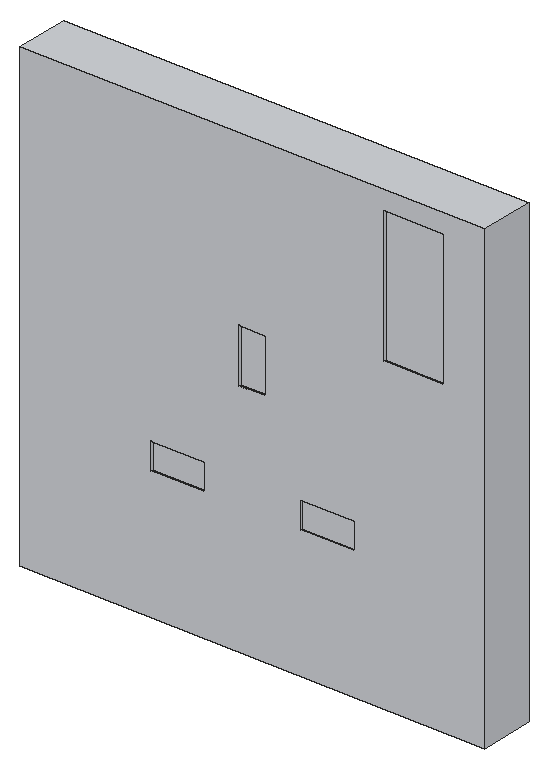
Revit family "IDP_Electrical Fixtures_OUT005-SGL SWITCHED PLUG SOCKET", category Electrical Fixtures, Revit 2026
Family settings
  Round Connector Dimension = Use Diameter
  Part Type = Normal
  Work Plane-Based = No
  Always vertical = Yes
  Cut with Voids When Loaded = No
  Maintain Annotation Orientation = No
  Shared = Yes
  Room Calculation Point = No
Parameters (values of type "OUT005")
  Uniclass2015_Pr = "Pr_65_72_97_84 : Standard socket outlets"
  SFG20 = ""
  NRM3 = ""
  NRM1 = ""
  Description = "SGL SWITCHED PLUG SOCKET"
  Default Elevation = 0 mm
  ADBUserData1 = "R1"
  ADBGroup = "1"
  ADBDescription = "SOCKET, outlet, switched, 13amp, single"
  ADBCode = "OUT005"
Reference planes
  plane 1 "Center (Front/Back)": y = 0
  plane 2: z = 0
  plane 3 "Center (Left/Right)": x = 0
Forms (mm)
  Extrusion 1, solid
    sketch origin (0, 0, 43) x (1, 0, 0) y (0, 1, 0)
      loop
        line (-43, 0) -> (-43, -10) -> (43, -10) -> (43, 0) -> (-43, 0)
    from -43 to 43
  Extrusion 2, void
    sketch origin (0, 0, 43) x (1, 0, 0) y (0, 0, 1)
      loop
        line (35.271, 39.561) -> (24.237, 39.561) -> (24.237, 14.561) -> (35.271, 14.561) -> (35.271, 39.561)
      loop
        line (-2.5, 11.131) -> (-2.5, 1.131) -> (2.5, 1.131) -> (2.5, 11.131) -> (-2.5, 11.131)
      loop
        line (-8.831, -13.791) -> (-18.831, -13.791) -> (-18.831, -18.791) -> (-8.831, -18.791) -> (-8.831, -13.791)
      loop
        line (8.831, -18.791) -> (18.831, -18.791) -> (18.831, -13.791) -> (8.831, -13.791) -> (8.831, -18.791)
    from 9.626 to 11.084
Cuts and joins
  Extrusion 2 cuts Extrusion 1
Lines and regions (mm)
  symbolic lines
    curve 1: arc (-42.5, -110.159, 0) -> (0, -152.659, 0) -> (42.5, -110.159, 0) r 42.5
    curve 2: line (0, -182.659, 0) -> (0, -240.159, 0)
    curve 3: line (0, -10.159, 0) -> (0, -110.159, 0)
    curve 4: line (72.5, -110.159, 0) -> (-72.5, -110.159, 0)
    curve 5: arc (-72.5, -110.159, 0) -> (0, -182.659, 0) -> (72.5, -110.159, 0) r 72.5
  symbolic lines, not visible
    curve 6: arc (-42.5, -100, 0) -> (0, -142.5, 0) -> (42.5, -100, 0) r 42.5
    curve 7: line (0, -172.5, 0) -> (0, -230, 0)
    curve 8: line (0, 0, 0) -> (0, -100, 0)
    curve 9: line (72.5, -100, 0) -> (-72.5, -100, 0)
    curve 10: arc (-72.5, -100, 0) -> (0, -172.5, 0) -> (72.5, -100, 0) r 72.5
    curve 11: arc (-7.59, -187.53, 0) -> (0.035, -195.155, 0) -> (7.66, -187.53, 0) r 7.625
    curve 12: arc (7.66, -187.53, 0) -> (0.035, -179.905, 0) -> (-7.59, -187.53, 0) r 7.625
  model lines
    curve 13: line (35.271, -10, 82.561) -> (24.237, -10, 82.561)
    curve 14: line (35.271, -10, 57.561) -> (35.271, -10, 82.561)
    curve 15: line (24.237, -10, 57.561) -> (35.271, -10, 57.561)
    curve 16: line (24.237, -10, 82.561) -> (24.237, -10, 57.561)
    curve 17: line (0, -10, 43) -> (0, -65, 43)
